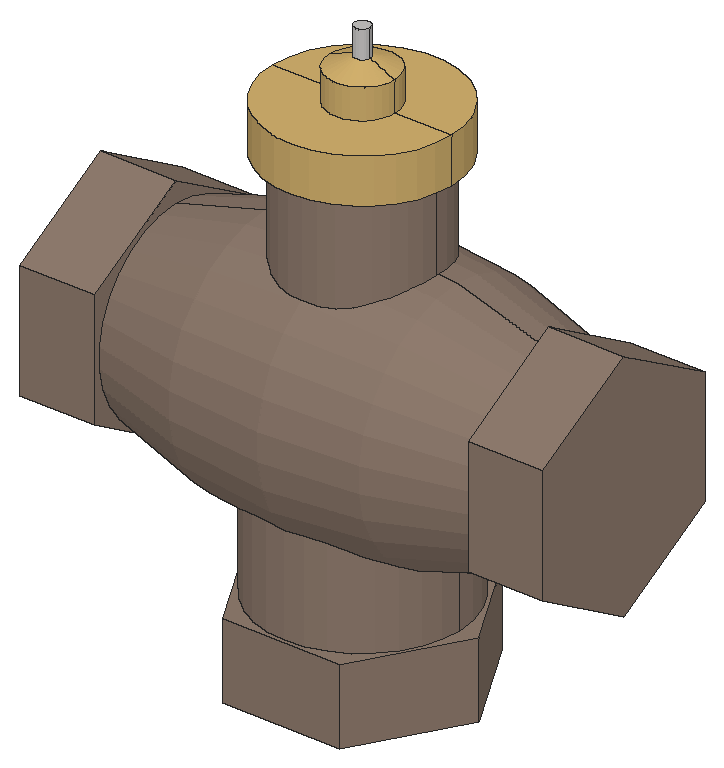
Revit family "1VMV_DN15-40_Internal_RFA", category Pipe Accessories, Revit 2019
Family settings
  Round Connector Dimension = Use Diameter
  Part Type = Valve - Breaks Into
  OmniClass Number = 23.65.55.14.17
  OmniClass Title = Adjusting/Controlling Valves for Liquid Services
  Work Plane-Based = No
  Always vertical = Yes
  Cut with Voids When Loaded = No
  Shared = No
Parameters (values of type "VMV_DN15_Internal_065F0015")
  Weight = 0.50 kg
  W [instance] = 17.578 mm
  VS = and(LOD 350, not(VB))  # yes
  VB = if(and(LOD 350, D = 25 mm), 1 = 1, 1 = 0)  # no
  RT4 = 12 mm
  RT3 = 1 mm
  RT2 = 4.4 mm
  RT1 = 1 mm
  RB2 = 10 mm
  RB1 = 13 mm
  Nominal Pressure = "PN 16"  # constant formula
  Valve Body Material = Danfoss Red Bronze
  built-in parameter 1114242 [instance] = (empty or 0)
  URL = "https://store.danfoss.com/en/Climate-Solutions-for-heating/Self-acting-Thermostats/Valves-for-Thermostatic-Sensors/c/4096?q=%3Arelevance%3Adanfoss_producttypehierarchydesc%3A402447709af02e780a7ded907707f30d7175b537%3Adanfoss_a50461501115_fts%3ATA5_1501120&page=0&pageSize=10"
  Thread = 27 mm
  TR = R1 * 2  # 31 mm
  Stroke = "2.0 mm"
  R1 = 15.5 mm
  Pressure Drop [instance] = 0.0 bar
  LB2 = 25 mm
  LB1 = 25 mm
  L1 = 11.5 mm
  L = 70 mm
  Kvs = 2.5 m³/h
  HT3 = 6 mm
  HT2 = 4 mm
  HT1 = 3.6 mm
  HB1 = 12.9 mm
  HB2 = 28 mm
  H = 43 mm
  Depth_Thread = 10 mm
  Model Type = "VMV_DN15_Internal"
  Model = "065F0015,065F0017"
  Min Medium Temperature = "2 °C"  # constant formula
  Max Medium Temperature = "120 °C"  # constant formula
  Manufacturer = "Danfoss"  # constant formula
  LOD 350 = not(LOD 200)  # yes
  LOD 200 = no
  IfcExportType = "VMV"  # constant formula
  IfcExportAs = "IfcValveType"  # constant formula
  H1 = 35 mm
  Flow [instance] = 0.0 m³/h
  Description = "Motorized Control Valve"  # constant formula
  DV2 = 25.8 mm
  DV1 = 25.8 mm
  D = 15 mm
  Connection = "Internal Thread"  # constant formula
Types (5, lengths in mm): name | Weight | VS | VB | RT4 | RT3 | RT2 | RT1 | RB2 | RB1 | Thread | TR | Stroke | R1 | LB2 | LB1 | L1 | L | Kvs | HT3 | HT2 | HT1 | HB1 | HB2 | H | Depth_Thread | Model Type | Model | H1 | DV2 | DV1 | D
  VMV_DN25_Internal_065F0025 | 0.90 kg | no | yes | 16.8 | 4.2 | 6.7 | 1.5 | 12 | 22.8 | 46 | 53 | "2.6 mm" | 26.5 | 45 | 50.369 | 9 | 90 | 6.3 m³/h | 8 | 6 | 7.3 | 20 | 34 | 57.8 | 13.5 | "VMV_DN25_Internal" | "065F0025" | 45 | 40 | 33 | 25
  VMV_DN32_Internal_065F0032 | 1.20 kg | yes | no | 12 | 1 | 4.4 | 1 | 10 | 24.3 | 50 | 58 | "3.1 mm" | 29 | 25 | 25 | 11.5 | 105 | 10.0 m³/h | 8 | 4 | 3 | 25 | 43 | 60 | 14 | "VMV_DN32_Internal" | "065F0032" | 52.5 | 50 | 50 | 32
  VMV_DN40_Internal_065F0040 | 1.60 kg | yes | no | 12 | 1 | 4.4 | 1 | 10 | 29 | 60 | 69 | "3.3 mm" | 34.5 | 25 | 25 | 11.5 | 120 | 12.0 m³/h | 9 | 4 | 3 | 29 | 48 | 66 | 15 | "VMV_DN40_Internal" | "065F0040" | 60 | 58 | 58 | 40
  VMV_DN20_Internal_065F0020 | 0.60 kg | yes | no | 12 | 1 | 4.4 | 1 | 10 | 16 | 32 | 37 | "2.1 mm" | 18.5 | 25 | 25 | 9 | 80 | 4.0 m³/h | 6 | 4 | 3.6 | 16.5 | 30 | 45 | 12 | "VMV_DN20_Internal" | "065F0020" | 40 | 33 | 33 | 20
  VMV_DN15_Internal_065F0015 | 0.50 kg | yes | no | 12 | 1 | 4.4 | 1 | 10 | 13 | 27 | 31 | "2.0 mm" | 15.5 | 25 | 25 | 11.5 | 70 | 2.5 m³/h | 6 | 4 | 3.6 | 12.9 | 28 | 43 | 10 | "VMV_DN15_Internal" | "065F0015,065F0017" | 35 | 25.8 | 25.8 | 15
Reference planes
  plane 1 "Center (Front/Back)": y = 0
  plane 2 "XYPLANE": z = 0
  plane 3 "Center (Left/Right)": x = 0
  plane 4 "170": y = 0
  plane 5 "57": y = 0
  plane 6 "10": x = -35
  plane 7 "6": y = 0
  plane 8 "5": z = 0
  plane 9 "132XZ": y = 0
  plane 10 "35XZ": y = 0
  plane 11 "47-3": x = 35
  plane 12 "29": x = -25
  plane 13: through (0, 0, 0) normal (0, 0.5, 0.866)
  plane 14: through (0, 0, 0) normal (0, 0.5, -0.866)
  plane 15: through (0, 0, 0) normal (0, 0.5, 0.866)
  plane 16: through (0, 0, 0) normal (0, 0.5, -0.866)
  plane 17: x = 25
  plane 18: z = -35
  plane 19: through (0, 0, 1200) normal (-0.866, -0.5, 0)
  plane 20: z = -25
  plane 21: z = 43
  plane 22: z = 39.4
  plane 23: z = 39.4
  plane 24: x = -13.5
  plane 25: x = 13.5
  plane 26: z = 12.5
  plane 27: z = -12.5
  plane 28: z = 2.1
  plane 29: z = -2.1
  plane 30: y = 12.5
  plane 31: y = -12.5
  plane 32: y = 2.1
  plane 33: y = -2.1
Forms (mm)
  Extrusion 1, solid, material "Danfoss Red Bronze" <- "Valve Body Material", visible <- "LOD 350", detail levels fine
    sketch origin (35, 0, 0) x (0, 1, 0) y (0, 0, -1)
      loop
        line (0, -15.588) -> (13.5, -7.794) -> (13.5, 7.794) -> (0, 15.588) -> (-13.5, 7.794) -> (-13.5, -7.794) -> (0, -15.588)
    from 0 to 10
  Extrusion 2, solid, material "Danfoss Red Bronze" <- "Valve Body Material", visible <- "LOD 350", detail levels fine
    sketch origin (-35, -750, 0) x (0, 1, 0) y (0, 0, 1)
      loop
        line (736.5, 7.794) -> (736.5, -7.794) -> (750, -15.588) -> (763.5, -7.794) -> (763.5, 7.794) -> (750, 15.588) -> (736.5, 7.794)
    from 0 to 10
  Extrusion 3, solid, material "Danfoss Red Bronze" <- "Valve Body Material", visible <- "LOD 200", detail levels fine
    sketch origin (-35, -750, 0) x (0, 1, 0) y (0, 0, 1)
      loop
        circle (750, 0) r 15.5
    from 0 to 10 <- "Depth_Thread"
  Extrusion 4, solid, material "Danfoss Red Bronze" <- "Valve Body Material", visible <- "LOD 200", detail levels fine
    sketch origin (35, 0, 0) x (0, 1, 0) y (0, 0, -1)
      loop
        circle (0, 0) r 15.5
    from 0 to 10 <- "Depth_Thread"
  Revolve 5, solid, material "Danfoss Red Bronze" <- "Valve Body Material", visible <- "VS", detail levels fine
    sketch origin (0, 0, 0) x (1, 0, 0) y (0, 0, 1)
      loop
        line (-25, 0) -> (25, 0) -> (25, 12.9)
        arc (25, 12.9) -> (0, 17.578) -> (-25, 12.9) r 69.14
        line (-25, 12.9) -> (-25, 0)
      axis (-25, 0) -> (25, 0)
    angle from 0 to 360
  Extrusion 6, solid, material "Danfoss Red Bronze" <- "Valve Body Material", visible <- "LOD 350", detail levels fine
    sketch origin (0, 0, 0) x (1, 0, 0) y (0, 1, 0)
      loop
        line (-7.794, 13.5) -> (-15.588, 0) -> (-7.794, -13.5) -> (7.794, -13.5) -> (15.588, 0) -> (7.794, 13.5) -> (-7.794, 13.5)
    from -35 to -25
  Revolve 7, solid, material "Danfoss Red Bronze" <- "Valve Body Material", detail levels fine
    sketch origin (0, 0, 0) x (1, 0, 0) y (0, 0, 1)
      loop
        line (0, 28) -> (0, -25) -> (13, -25) -> (13, 0) -> (10, 0) -> (10, 28) -> (0, 28)
      axis (0, 28) -> (0, -25)
    angle from 0 to 360
  Revolve 8, solid, material "Danfoss Brass", visible <- "LOD 350", detail levels fine
    sketch origin (0, 0, 0) x (1, 0, 0) y (0, 0, 1)
      loop
        line (12, 28) -> (12, 34) -> (4.4, 34) -> (4.4, 38) -> (1, 39.4) -> (0, 39.4) -> (0, 28) -> (12, 28)
      axis (0, 39.4) -> (0, 28)
    angle from 0 to 360
  Extrusion 9, solid, material "Danfoss Stainless Steel", detail levels fine
    sketch origin (0, 0, 0) x (1, 0, 0) y (0, 1, 0)
      loop
        circle (0, 0) r 1
    from 39.4 to 43
  Extrusion 10, solid, material "Danfoss Red Bronze" <- "Valve Body Material", visible <- "LOD 200", detail levels fine
    sketch origin (35, 0, 0) x (0, 1, 0) y (0, 0, -1)
      loop
        circle (0, 0) r 12.9
    from 10 to 60
  Extrusion 11, solid, material "Danfoss Red Bronze" <- "Valve Body Material", visible <- "VB", detail levels fine
    sketch origin (-45, 0, 0) x (0, 1, 0) y (0, 0, 1)
      loop
        circle (0, 0) r 12.9
    from 70 to 58.5
  Extrusion 12, solid, material "Danfoss Red Bronze" <- "Valve Body Material", visible <- "VB", detail levels fine
    sketch origin (45, 0, 0) x (0, 1, 0) y (0, 0, -1)
      loop
        circle (0, 0) r 12.9
    from 70 to 58.5
  Extrusion 13, solid, material "Danfoss Red Bronze" <- "Valve Body Material", visible <- "VB", detail levels fine
    sketch origin (35, 0, 0) x (0, 1, 0) y (0, 0, -1)
      loop
        arc (2.1, -12.5) -> (9.454, -9.454) -> (12.5, -2.1) r 10.4
        line (12.5, -2.1) -> (12.5, 2.1)
        arc (12.5, 2.1) -> (9.454, 9.454) -> (2.1, 12.5) r 10.4
        line (2.1, 12.5) -> (-2.1, 12.5)
        arc (-2.1, 12.5) -> (-9.454, 9.454) -> (-12.5, 2.1) r 10.4
        line (-12.5, 2.1) -> (-12.5, -2.1)
        arc (-12.5, -2.1) -> (-9.454, -9.454) -> (-2.1, -12.5) r 10.4
        line (-2.1, -12.5) -> (2.1, -12.5)
    from 21.5 to 48.5
  Revolve 14, solid, material "Danfoss Brass", visible <- "LOD 200", detail levels fine
    sketch origin (0, 0, 0) x (1, 0, 0) y (0, 0, 1)
      loop
        line (12, 28) -> (12, 39.4) -> (0, 39.4) -> (0, 28) -> (12, 28)
      axis (0, 39.4) -> (0, 28)
    angle from 0 to 360
  Revolve 15, solid, material "Danfoss Red Bronze" <- "Valve Body Material", visible <- "LOD 200", detail levels fine
    sketch origin (0, 0, 0) x (1, 0, 0) y (0, 0, 1)
      loop
        line (0, -35) -> (15.5, -35) -> (15.5, -25) -> (0, -25) -> (0, -35)
      axis (0, -35) -> (0, -25)
    angle from 0 to 360
Lines and regions (mm)
  reference lines, not visible
    curve 1: circle (2, 2, 0) r 1 normal (0, 0, 1)
  reference lines
    curve 2: circle (12.391, 0, 5.807) r 1 normal (0.4226, 0, 0.9063)
    curve 3: circle (12.391, 0, 5.807) r 1 normal (0.4226, 0, 0.9063)
    curve 4: line (-35, 0, 0) -> (-35, 6.928, 4)
    curve 5: line (-35, 0, 0) -> (-35, 0, 8)
    curve 6: line (-35, 0, 0) -> (-35, -6.928, 4)
Dimensions and locks
  plane 1 "Center (Front/Back)" to curve 1 = 2 mm
  locked: plane 7 "6" to plane 4 "170"
  locked: plane 7 "6" to plane 5 "57"
  locked: plane 1 "Center (Front/Back)" to plane 7 "6"
  locked: plane 2 "XYPLANE" to plane 8 "5"
  "Thread": Extrusion 2 sketch curve to Extrusion 2 sketch curve  (x2)
  equal spacing: Extrusion 2 sketch curve, plane 14, Extrusion 2 sketch curve
  equal spacing: Extrusion 2 sketch curve, plane 13, Extrusion 2 sketch curve  (x2)
  "Thread": Extrusion 1 sketch curve to Extrusion 1 sketch curve  (x2)
  equal spacing: Extrusion 1 sketch curve, plane 15, Extrusion 1 sketch curve  (x2)
  equal spacing: Extrusion 1 sketch curve, plane 16, Extrusion 1 sketch curve
  "Depth_Thread": plane 6 "10" to plane 12 "29"
  "Depth_Thread": plane 17 to plane 11 "47-3"
  "HB1": Revolve 5 sketch curve to Revolve 5 sketch curve  (x2)
  "H1": level to plane 18
  "Thread": Extrusion 6 sketch curve to Extrusion 6 sketch curve  (x3)
  equal spacing: Extrusion 6 sketch curve, plane 3 "Center (Left/Right)", Extrusion 6 sketch curve  (x2)
  equal spacing: Extrusion 6 sketch curve, plane 1 "Center (Front/Back)", Extrusion 6 sketch curve
  "Depth_Thread": plane 20 to plane 18
  "RB1": Revolve 7 sketch curve to Revolve 7 sketch curve
  "RB2": Revolve 7 sketch curve to Revolve 7 sketch curve
  "HB2": Revolve 7 sketch curve to level
  "H": plane 21 to level
  "RT2": Revolve 8 sketch curve to Revolve 8 sketch curve
  "RT4": Revolve 8 sketch curve to Revolve 8 sketch curve
  "HT3": Revolve 8 sketch curve to Revolve 8 sketch curve
  "HT1": plane 21 to plane 23
  "HB2": Revolve 8 sketch curve to level
  "L": plane 11 "47-3" to plane 6 "10"
  "HT2": Revolve 8 sketch curve to Revolve 8 sketch curve
  "RT3": Revolve 8 sketch curve to Revolve 8 sketch curve
  "L1": plane 24 to plane 12 "29"
  "L1": plane 25 to plane 17
  equal spacing: plane 6 "10", plane 3 "Center (Left/Right)", plane 11 "47-3"
  "R1": Revolve 15 sketch curve to Revolve 15 sketch curve
  "RT4": Revolve 14 sketch curve to plane 3 "Center (Left/Right)"
  "LB2": plane 26 to plane 27
  equal spacing: plane 26, level, plane 27
  plane 29 to plane 27 = 10.4 mm
  plane 26 to plane 28 = 10.4 mm
  "LB1": plane 30 to plane 31
  equal spacing: plane 30, plane 1 "Center (Front/Back)", plane 31
  plane 30 to plane 32 = 10.4 mm
  plane 33 to plane 31 = 10.4 mm
  "W": Revolve 5 sketch curve to level
  "R1": radius of Extrusion 4 sketch curve
  "R1": radius of Extrusion 3 sketch curve
  "RT1": radius of Extrusion 9 sketch curve
  "DV2": diameter of Extrusion 10 sketch curve
  "DV1": diameter of Extrusion 11 sketch curve
  "DV1": diameter of Extrusion 12 sketch curve
  locked: curve 5 to curve 4 (angle 60.00°)
  locked: curve 6 to curve 5 (angle 60.00°)
  locked: curve 6 to curve 4 (angle 120.00°)
  angle plane 13 to plane 1 "Center (Front/Back)" = 60.00°
  angle plane 1 "Center (Front/Back)" to plane 14 = 60.00°
  angle plane 19 to Extrusion 6 sketch curve = 60.00°  (x2)
  aligned and locked: level to plane 2 "XYPLANE"
  aligned and locked: plane 4 "170" to curve 2
  aligned and locked: plane 4 "170" to curve 3
  aligned and locked: curve 6 to plane 7 "6"
  aligned and locked: plane 8 "5" to curve 6
  aligned and locked: plane 13 to Extrusion 2 sketch curve  (x2)
  aligned and locked: plane 14 to Extrusion 2 sketch curve  (x2)
  aligned and locked: plane 1 "Center (Front/Back)" to Extrusion 2 sketch curve
  aligned and locked: plane 1 "Center (Front/Back)" to Extrusion 1 sketch curve
  aligned and locked: plane 16 to Extrusion 1 sketch curve  (x2)
  aligned and locked: plane 15 to Extrusion 1 sketch curve  (x2)
  aligned and locked: plane 1 "Center (Front/Back)" to Extrusion 3 sketch curve
  aligned and locked: level to Extrusion 3 sketch curve
  aligned and locked: Extrusion 2 to plane 6 "10"
  aligned and locked: plane 12 "29" to Extrusion 2
  aligned and locked: plane 17 to Extrusion 1
  aligned and locked: Extrusion 1 to plane 11 "47-3"
  aligned and locked: Revolve 5 sketch curve to level
  aligned and locked: Revolve 5 sketch curve to plane 12 "29"
  aligned and locked: Revolve 5 sketch curve to plane 17
  aligned and locked: Revolve 5 sketch curve to Revolve 5 sketch curve  (x2)
  aligned and locked: Extrusion 6 to plane 18
  aligned and locked: plane 20 to Extrusion 6
  aligned and locked: Revolve 7 sketch curve to level
  aligned and locked: Revolve 7 sketch curve to plane 20
  aligned and locked: Revolve 7 sketch curve to Revolve 7 sketch curve  (x2)
  aligned and locked: Revolve 8 sketch curve to plane 3 "Center (Left/Right)"  (x2)
  aligned and locked: Extrusion 9 to plane 23
  aligned and locked: plane 21 to Extrusion 9
  aligned and locked: Revolve 8 sketch curve to plane 23
  aligned and locked: Revolve 8 sketch curve to Extrusion 9
  aligned and locked: Revolve 7 to Revolve 8 sketch curve
  aligned and locked: Extrusion 10 to plane 12 "29"
  aligned and locked: Extrusion 10 to plane 17
  aligned and locked: Extrusion 11 to Extrusion 1
  aligned and locked: Extrusion 12 to Extrusion 2
  aligned and locked: Extrusion 12 to plane 24
  aligned and locked: plane 25 to Extrusion 11
  aligned and locked: plane 24 to Extrusion 13
  aligned and locked: Extrusion 13 to plane 25
  aligned and locked: Revolve 8 to Revolve 14 sketch curve
  aligned and locked: Revolve 14 sketch curve to plane 3 "Center (Left/Right)"
  aligned and locked: Revolve 14 sketch curve to plane 23
  aligned and locked: Revolve 15 sketch curve to plane 18
  aligned and locked: Revolve 15 sketch curve to plane 3 "Center (Left/Right)"
  aligned and locked: Revolve 15 sketch curve to plane 20
  aligned and locked: Revolve 15 sketch curve to Revolve 15 sketch curve  (x2)
  aligned and locked: Extrusion 13 sketch curve to plane 27
  aligned and locked: Extrusion 13 sketch curve to plane 30
  aligned and locked: Extrusion 13 sketch curve to plane 31
  aligned and locked: plane 28 to Extrusion 13 sketch curve  (x2)
  aligned and locked: plane 33 to Extrusion 13 sketch curve  (x2)
  aligned and locked: plane 32 to Extrusion 13 sketch curve
  aligned and locked: plane 29 to Extrusion 13 sketch curve  (x2)
  aligned and locked: nested 1 to plane 10 "35XZ"
  aligned and locked: plane 3 "Center (Left/Right)" to nested 1
  aligned and locked: nested 1 to plane 3 "Center (Left/Right)"
Automatic sketch dimensions
  plane 3 "Center (Left/Right)" to curve 1 = 2 mm
  curve 2 to curve 3 = 0 mm
  Extrusion 4 sketch curve to level = 0 mm
  Extrusion 4 sketch curve to plane 1 "Center (Front/Back)" = 0 mm
  plane 17 to Revolve 5 sketch curve = 0 mm
  plane 1 "Center (Front/Back)" to Extrusion 6 sketch curve = 0 mm
  plane 19 to Extrusion 6 sketch curve = 0 mm
  Revolve 7 sketch curve to plane 3 "Center (Left/Right)" = 0 mm
  Revolve 7 sketch curve to plane 20 = 0 mm
  plane 1 "Center (Front/Back)" to Extrusion 9 sketch curve = 0 mm
  Extrusion 9 sketch curve to plane 3 "Center (Left/Right)" = 0 mm
  Extrusion 10 sketch curve to level = 0 mm
  Extrusion 10 sketch curve to plane 1 "Center (Front/Back)" = 0 mm
  Extrusion 11 sketch curve to level = 0 mm
  Extrusion 11 sketch curve to plane 1 "Center (Front/Back)" = 0 mm
  Extrusion 12 sketch curve to level = 0 mm
  Extrusion 12 sketch curve to plane 1 "Center (Front/Back)" = 0 mm
  Revolve 14 sketch curve to level = 0 mm
  Revolve 14 sketch curve to plane 3 "Center (Left/Right)" = 0 mm
  Revolve 14 sketch curve to plane 21 = 0 mm
  Revolve 15 sketch curve to Revolve 15 sketch curve = 5 mm
  radius of curve 1 = 1 mm
  radius of curve 2 = 1 mm
  radius of curve 3 = 1 mm
Nested families
  nested 1: "Schematic_3-Way Valve" at (0, 0, 0), type "Schematic_3-Way Valve", detail levels coarse+medium
Connectors
  piping at (-35, 0, 0), diameter 15, driven by "D", driven by "Flow"
    settings: on Extrusion 2, index 1, connector inside diameter 609.6 mm, connector length 0 mm, flow factor 0, pipe flow 0.0 m³/h, pressure drop 0.0 bar, fitting loss kfactor 0, connector angle 0.00°, fixture units 0, engagement length 0 mm, angle of deflection 0.00°, flow configuration 0, flow direction 0, fitting loss method 0, system type 29, joint type 0, gender type 0, connector reference index 2, connector utility 0, adjustable connector no, is connector primary yes, connector description ""
  piping at (35, 0, 0), diameter 15, driven by "D", driven by "Flow"
    settings: on Extrusion 1, index 2, connector inside diameter 609.6 mm, connector length 0 mm, flow factor 0, pipe flow 0.0 m³/h, pressure drop 0.0 bar, fitting loss kfactor 0, connector angle 0.00°, fixture units 0, engagement length 0 mm, angle of deflection 0.00°, flow configuration 0, flow direction 0, fitting loss method 0, system type 29, joint type 0, gender type 0, connector reference index 1, connector utility 0, adjustable connector no, is connector primary no, connector description ""
  piping at (0, 0, -35), diameter 15, driven by "D", driven by "Flow"
    settings: on Extrusion 6, index 3, connector inside diameter 609.6 mm, connector length 0 mm, flow factor 0, pipe flow 0.0 m³/h, pressure drop 0.0 bar, fitting loss kfactor 0, connector angle 0.00°, fixture units 0, engagement length 0 mm, angle of deflection 0.00°, flow configuration 0, flow direction 0, fitting loss method 0, system type 29, joint type 0, gender type 0, connector reference index -1, connector utility 0, adjustable connector no, is connector primary no, connector description ""
Definition of nested family "Schematic_3-Way Valve"
  Parameters (values of type "Schematic_3-Way Valve")
    L_1 = L / 3  # 53.333 mm
    L = 160 mm
    H1 = 82.5 mm
    H = 136.8 mm
    D1 = 81.5 mm
  Reference planes
    plane 1 "Center (Front/Back)": y = 0
    plane 2: z = 0
    plane 3 "Center (Left/Right)": x = 0
    plane 4: z = 40.75
    plane 5: z = -40.75
    plane 6: x = -80
    plane 7: x = 80
    plane 8: x = 40.75
    plane 9: x = -40.75
    plane 10: z = -82.5
    plane 11: y = -82.5
    plane 12: y = 40.75
    plane 13: y = -40.75
    plane 14: z = 136.8
    plane 15: z = 83.467
    plane 16: x = 26.667
    plane 17: x = -26.667
    plane 18: y = 136.8
    plane 19: y = 83.467
  Lines and regions (mm)
    model lines
      curve 1: line (0, 0, 0) -> (-40.75, 0, -82.5)
      curve 2: line (0, 0, 0) -> (40.75, 0, -82.5)
      curve 3: line (40.75, 0, -82.5) -> (-40.75, 0, -82.5)
      curve 4: line (0, 0, 0) -> (80, 0, 40.75)
      curve 5: line (80, 0, 40.75) -> (80, 0, -40.75)
      curve 6: line (80, 0, -40.75) -> (0, 0, 0)
      curve 7: line (0, 0, 0) -> (-80, 0, 40.75)
      curve 8: line (-80, 0, 40.75) -> (-80, 0, -40.75)
      curve 9: line (-80, 0, -40.75) -> (0, 0, 0)
      curve 19: line (0, 0, 83.467) -> (0, 0, 0)
      curve 20: line (-26.667, 0, 136.8) -> (26.667, 0, 136.8)
      curve 21: line (-26.667, 0, 83.467) -> (-26.667, 0, 136.8)
      curve 22: line (26.667, 0, 83.467) -> (-26.667, 0, 83.467)
      curve 23: line (26.667, 0, 136.8) -> (26.667, 0, 83.467)
    symbolic lines
      curve 10: line (0, 0, 0) -> (80, 40.75, 0)
      curve 11: line (80, 40.75, 0) -> (80, -40.75, 0)
      curve 12: line (80, -40.75, 0) -> (0, 0, 0)
      curve 13: line (0, 0, 0) -> (-80, 40.75, 0)
      curve 14: line (-80, 40.75, 0) -> (-80, -40.75, 0)
      curve 15: line (-80, -40.75, 0) -> (0, 0, 0)
      curve 16: line (0, 0, 0) -> (40.75, -82.5, 0)
      curve 17: line (40.75, -82.5, 0) -> (-40.75, -82.5, 0)
      curve 18: line (0, 0, 0) -> (-40.75, -82.5, 0)
      curve 24: line (-26.667, 136.8, 0) -> (26.667, 136.8, 0)
      curve 25: line (-26.667, 83.467, 0) -> (-26.667, 136.8, 0)
      curve 26: line (26.667, 83.467, 0) -> (-26.667, 83.467, 0)
      curve 27: line (26.667, 136.8, 0) -> (26.667, 83.467, 0)
      curve 28: line (0, 0, 0) -> (0, 83.467, 0)
  Dimensions and locks
    "D1": plane 4 to plane 5
    equal spacing: plane 4, level, plane 5
    "D1": plane 8 to plane 9
    equal spacing: plane 8, plane 3 "Center (Left/Right)", plane 9
    plane 9 to plane 8 = 81.5 mm
    equal spacing: plane 9, plane 3 "Center (Left/Right)", plane 8
    "D1": plane 13 to plane 12
    equal spacing: plane 13, plane 1 "Center (Front/Back)", plane 12
    "L_1": plane 14 to plane 15
    "H": plane 14 to level
    "L_1": plane 16 to plane 17
    equal spacing: plane 16, plane 3 "Center (Left/Right)", plane 17
    "H": plane 1 "Center (Front/Back)" to plane 18
    "L_1": plane 19 to plane 18
    equal spacing: plane 17, plane 3 "Center (Left/Right)", plane 16
    plane 17 to plane 16 = 53.333 mm
    equal spacing: plane 7, plane 3 "Center (Left/Right)", plane 6
    "L": plane 7 to plane 6
    "H1": plane 2 to plane 10
    "H1": plane 11 to plane 1 "Center (Front/Back)"
    aligned and locked: level to plane 2
    aligned and locked: plane 10 to curve 3
    aligned and locked: curve 5 to plane 7
    aligned and locked: curve 8 to plane 6
    aligned and locked: level to curve 19
    aligned and locked: curve 20 to plane 14
    aligned and locked: plane 17 to curve 21
    aligned and locked: curve 23 to plane 16
    aligned and locked: plane 19 to curve 28
    aligned and locked: plane 15 to curve 19
  Automatic sketch dimensions
    curve 13 to plane 6 = 0 mm
    curve 18 to plane 9 = 0 mm
    curve 26 to plane 17 = 0 mm
    plane 1 "Center (Front/Back)" to curve 15 = 0 mm
    curve 15 to plane 3 "Center (Left/Right)" = 0 mm
    curve 24 to plane 16 = 0 mm
    curve 16 to plane 8 = 0 mm
    curve 12 to plane 7 = 0 mm
    plane 11 to curve 17 = 0 mm
    plane 13 to curve 12 = 0 mm
    plane 13 to curve 15 = 0 mm
    plane 12 to curve 13 = 0 mm
    plane 12 to curve 11 = 0 mm
    plane 18 to curve 24 = 0 mm
    curve 3 to plane 9 = 0 mm
    curve 6 to plane 3 "Center (Left/Right)" = 0 mm
    curve 2 to plane 8 = 0 mm
    curve 6 to plane 5 = 0 mm
    curve 9 to plane 5 = 0 mm
    curve 5 to plane 4 = 0 mm
    curve 7 to plane 4 = 0 mm
